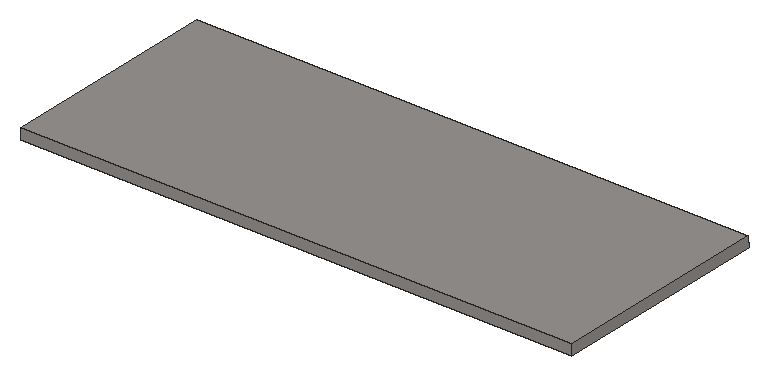
Revit family "Desk-Bridge-Teknion-B_RB_Cross_Grain_Rectangular-R2015", category Furniture, Revit 2015
Parameters (values of type "1-3/16" Thick")
  Width [instance] = 60.000"
  Warranty = "http://www.teknion.com/ca/papers/legal-canada"
  Unit Weight URL = "http://www.teknion.com/pricing/expansion-casegoods/pdfs/wv.pdf"
  URL = "http://www.teknion.com/"
  Sustainability Data = "http://www.teknion.com/ca/tools/assets#&topic=216f99a5-57a0-44fc-b10a-9dee9b29ae4c&asset=444deb64-fe58-4b68-981e-f75e97781df7"
  Product Page URL = "http://www.teknion.com/ca/products/product-details?productlineid=0053336e-8e7a-673b-a6c8-ff00004460c4"
  Product Line = "Expansion Casegoods"
  Product Documentation Link = "http://www.teknion.com/pricing/Expansion-Casegoods/pdfs/B_RB_ppg.pdf"
  Part Number = "BMRB"
  Note [instance] = "Available Widths range from 30 to 60 inches in 6 inch increments. Available Depths are 20, 24, and 30 inches."  # constant formula
  Model = "BMRB__"
  Manufacturer Phone = "416-661-3370"
  Manufacturer Fax = "416.661.4586"
  Manufacturer Contact Information = "http://www.teknion.com/ca/contactus"
  Manufacturer Address = "1150 Flint Road, Toronto, ON. M3J 2J5. Canada"
  Manufacturer = "Teknion"  # constant formula
  Height = 1.125"
  Grommet Finish [instance] = Mica - Teknion - V - Satin - Very White
  Description = "Cross Grain Rectangular Bridge, (1-3/16\" Thick WS)"
  Depth [instance] = 24.000"
  Bridge Worksurface Finish [instance] = Source Laminate - Teknion - DE - Latte
  Assembly Code = "E2020200"
  Actual Width [instance] = if(Width = 60.000", 59.701", if(Width = 54.000", 53.728", if(Width = 48.000", 47.760", if(Width = 42.000", 41.791", if(Width = 36.000", 35.819", 29.850")))))  # 59.701"
  Actual Depth [instance] = if(Depth = 30.000", 29.850", if(Depth = 24.000", 23.882", 19.902"))  # 23.882"
Reference planes (in)
  plane 1 "Center F/B": y = 0
  plane 2: z = 0
  plane 3 "Center L/R": x = 0
  plane 4 "Left": x = -29.8505
  plane 5 "Right": x = 29.8505
  plane 6 "Back": y = 11.941
  plane 7 "Front": y = -11.941
  plane 8 "Top": z = 28.75
  plane 9 "Masking Plane": z = 65.165
  plane 10 "Bottom": z = 27.625
Forms (in)
  Sweep 1, solid, material "Source Laminate - Teknion - DE - Latte" <- "Bridge Worksurface Finish"
    path origin (0, 0, 0) x (1, 0, 0) y (0, 0, 1)
      loop
        line (0, 27.625) -> (0, 28.75)
    profile origin (0, 0, 28.1875) x (-1, 0, 0) y (0, -1, 0)
      loop
        line (29.8505, -11.941) -> (29.8505, 11.941) -> (-29.8505, 11.941) -> (-29.8505, -11.941) -> (29.8505, -11.941)
Lines and regions (in)
  Masking region 1
    outline origin (0, 0, 28.75) x (-1, 0, 0) y (0, -1, 0)
      loop
        line (29.8505, -11.941) -> (29.8505, 11.941) -> (-29.8505, 11.941) -> (-29.8505, -11.941) -> (29.8505, -11.941)
  Split face 1
    outline origin (0, 0, 28.75) x (0, -1, 0) y (1, 0, 0)
      loop
        spline (-10.1909, 0) -> (-10.14831, -0.74187) -> (-10.02343, -1.43318) -> (-9.82479, -2.02682) -> (-9.5659, -2.48233) -> (-9.26443, -2.76868) -> (-8.9409, -2.86635) -> (-8.61738, -2.76868) -> (-8.3159, -2.48233) -> (-8.05702, -2.02682) -> (-7.85837, -1.43318) -> (-7.7335, -0.74187) -> (-7.6909, 0)
        spline (-7.6909, 0) -> (-7.7335, 0.74187) -> (-7.85837, 1.43318) -> (-8.05702, 2.02682) -> (-8.3159, 2.48233) -> (-8.61738, 2.76868) -> (-8.9409, 2.86635) -> (-9.26443, 2.76868) -> (-9.5659, 2.48233) -> (-9.82479, 2.02682) -> (-10.02343, 1.43318) -> (-10.14831, 0.74187) -> (-10.1909, 0)
  symbolic lines, detail levels fine
    curve 1: spline (1.79301, 8.11495, 65.165) -> (1.55045, 8.22395, 65.165) -> (1.27793, 8.31616, 65.165) -> (0.9807, 8.38979, 65.165) -> (0.66453, 8.44343, 65.165) -> (0.3355, 8.47603, 65.165) -> (0, 8.48697, 65.165) -> (-0.3355, 8.47603, 65.165) -> (-0.66453, 8.44343, 65.165) -> (-0.9807, 8.38979, 65.165) -> (-1.27793, 8.31616, 65.165) -> (-1.55045, 8.22395, 65.165) -> (-1.79301, 8.11495, 65.165)
    curve 2: spline (1.79301, 9.76685, 65.165) -> (1.55045, 9.65786, 65.165) -> (1.27793, 9.56565, 65.165) -> (0.9807, 9.49201, 65.165) -> (0.66453, 9.43838, 65.165) -> (0.3355, 9.40578, 65.165) -> (0, 9.39484, 65.165) -> (-0.3355, 9.40578, 65.165) -> (-0.66453, 9.43838, 65.165) -> (-0.9807, 9.49201, 65.165) -> (-1.27793, 9.56565, 65.165) -> (-1.55045, 9.65786, 65.165) -> (-1.79301, 9.76685, 65.165)
  symbolic lines
    curve 3: spline (0, 10.1909, 65.165) -> (0.74187, 10.14831, 65.165) -> (1.43318, 10.02343, 65.165) -> (2.02682, 9.82479, 65.165) -> (2.48233, 9.5659, 65.165) -> (2.76868, 9.26443, 65.165) -> (2.86635, 8.9409, 65.165) -> (2.76868, 8.61738, 65.165) -> (2.48233, 8.3159, 65.165) -> (2.02682, 8.05702, 65.165) -> (1.43318, 7.85837, 65.165) -> (0.74187, 7.7335, 65.165) -> (0, 7.6909, 65.165) -> (-0.74187, 7.7335, 65.165) -> (-1.43318, 7.85837, 65.165) -> (-2.02682, 8.05702, 65.165) -> (-2.48233, 8.3159, 65.165) -> (-2.76868, 8.61738, 65.165) -> (-2.86635, 8.9409, 65.165) -> (-2.76868, 9.26443, 65.165) -> (-2.48233, 9.5659, 65.165) -> (-2.02682, 9.82479, 65.165) -> (-1.43318, 10.02343, 65.165) -> (-0.74187, 10.14831, 65.165) -> (0, 10.1909, 65.165)
  model lines
    curve 4: spline (1.79301, 8.11395, 28.75) -> (1.55045, 8.22295, 28.75) -> (1.27793, 8.31516, 28.75) -> (0.9807, 8.38879, 28.75) -> (0.66453, 8.44243, 28.75) -> (0.3355, 8.47503, 28.75) -> (0, 8.48597, 28.75) -> (-0.3355, 8.47503, 28.75) -> (-0.66453, 8.44243, 28.75) -> (-0.9807, 8.38879, 28.75) -> (-1.27793, 8.31516, 28.75) -> (-1.55045, 8.22295, 28.75) -> (-1.79301, 8.11395, 28.75)
    curve 5: spline (1.79301, 9.76585, 28.75) -> (1.55045, 9.65686, 28.75) -> (1.27793, 9.56465, 28.75) -> (0.9807, 9.49101, 28.75) -> (0.66453, 9.43738, 28.75) -> (0.3355, 9.40478, 28.75) -> (0, 9.39384, 28.75) -> (-0.3355, 9.40478, 28.75) -> (-0.66453, 9.43738, 28.75) -> (-0.9807, 9.49101, 28.75) -> (-1.27793, 9.56465, 28.75) -> (-1.55045, 9.65686, 28.75) -> (-1.79301, 9.76585, 28.75)
Dimensions and locks (in)
  equal spacing: plane 4 "Left", plane 3 "Center L/R", plane 5 "Right"
  "Actual Width": plane 4 "Left" to plane 5 "Right"
  equal spacing: plane 6 "Back", plane 1 "Center F/B", plane 7 "Front"
  "Actual Depth": plane 6 "Back" to plane 7 "Front"
  locked: plane 9 "Masking Plane" to plane 2 at 65.165
  locked: plane 8 "Top" to plane 2 at 28.75
  "Height": plane 8 "Top" to plane 10 "Bottom"
  locked: plane 6 "Back" to Split face 1 sketch curve at 3.0001
  locked: plane 6 "Back" to curve 2 at 1.41431
  locked: plane 6 "Back" to curve 1 at 4.58589
  aligned and locked: level to plane 2
  aligned and locked: plane 10 "Bottom" to Sweep 1 sketch curve
  aligned and locked: plane 8 "Top" to Sweep 1 sketch curve
  aligned and locked: plane 3 "Center L/R" to Sweep 1 sketch curve
  aligned and locked: Sweep 1 sketch curve to plane 6 "Back"
  aligned and locked: plane 4 "Left" to Sweep 1 sketch curve
  aligned and locked: Sweep 1 sketch curve to plane 7 "Front"
  aligned and locked: Sweep 1 sketch curve to plane 5 "Right"
  aligned and locked: plane 3 "Center L/R" to Split face 1 sketch curve
Automatic sketch dimensions
  curve 1 to plane 3 "Center L/R" = 0.000"
  curve 3 to plane 3 "Center L/R" = 0.000"
  curve 2 to plane 3 "Center L/R" = 0.000"
  curve 2 to curve 1 = 0.000"  (x2)
  curve 2 to plane 6 "Back" = 0.28245"
  curve 2 to curve 3 = 0.33579"
  curve 1 to curve 1 = 1.13185"
  curve 2 to curve 1 = 1.6519"
  plane 3 "Center L/R" to curve 2 = 1.79301"
  curve 1 to plane 3 "Center L/R" = 1.79301"
  curve 3 to curve 2 = 0.42405"
  curve 3 to curve 3 = 1.250"
  Masking region 1 sketch curve to plane 5 "Right" = 0.000"
  Masking region 1 sketch curve to plane 4 "Left" = 0.000"
  Masking region 1 sketch curve to plane 6 "Back" = 0.000"
  plane 7 "Front" to Masking region 1 sketch curve = 0.000"
  Split face 1 sketch curve to Split face 1 sketch curve = 1.250"
